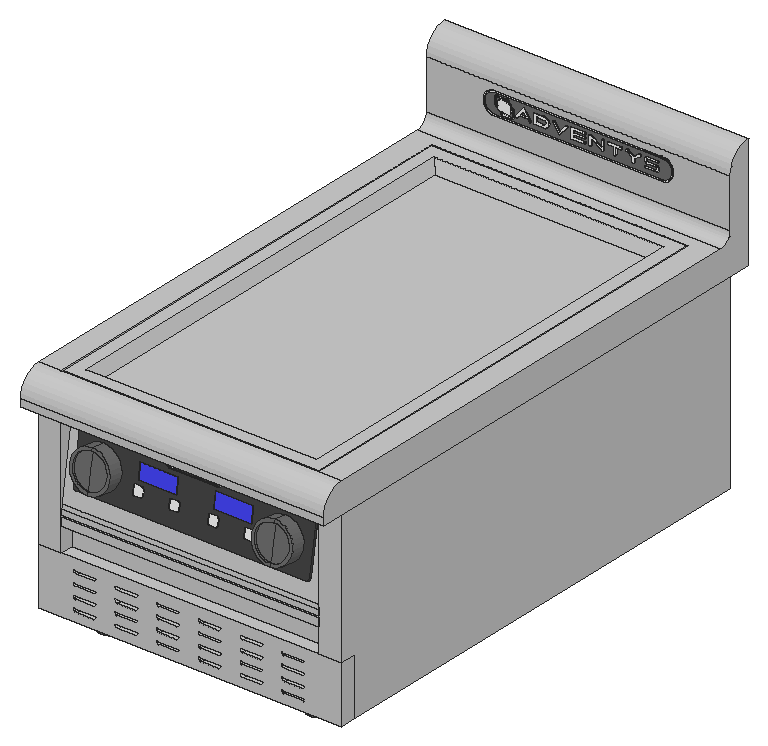
Revit family "QF_ADVENTYS_SK2I_6000_250903104036", category Specialty Equipment, Revit 2021
Family settings
  Round Connector Dimension = Use Diameter
  Part Type = Normal
  OmniClass Number = 23.40.40.14
  OmniClass Title = Food Service Equipment
  Work Plane-Based = No
  Always vertical = Yes
  Cut with Voids When Loaded = No
  Shared = No
  Room Calculation Point = No
Parameters (values of type "ADV2184")
  Weight in Pounds [instance] = 0
  Weight = 25.00 kg
  Warranty Start Date [instance] = ""
  Warranty Duration [instance] = ""
  Volts [instance] = 230 V
  URL Recommended Spares List = ""
  URL Manufacturer = ""
  URL Cutsheet = ""
  URL Critical Spares List = ""
  URL = "www.adventys.com"
  Tag Number [instance] = ""
  Status [instance] = ""
  Specification by User [instance] = ""
  Specification by Manufacturer [instance] = ""
  Sound Level [instance] = ""
  Solid Fuel Type [instance] = ""
  Service Life Duration [instance] = ""
  Serial Number [instance] = ""
  Seismic Rating [instance] = ""
  SMACNA No [instance] = ""
  Revision Code [instance] = ""
  Revision [instance] = ""
  Production Year [instance] = ""
  Point Load [instance] = 0
  Phase [instance] = 1
  Other Equipment Approvals [instance] = ""
  Number of Poles [instance] = 2
  NAFEM Spec ID Number [instance] = ""
  Model Warning [instance] = ""
  Model = "SK2I 6000"
  Min Ckt Ampacity [instance] = 0 A
  Max Overcurrent Protection [instance] = 32 A
  Masterspec [instance] = ""
  Manufacturer = "ADVENTYS"
  Length Actual = 400 mm
  Item Number [instance] = ""
  Installed By [instance] = ""
  Installation Date [instance] = ""
  Identify Quantity as Lot [instance] = no
  ID [instance] = ""
  Hygiene Approval [instance] = ""
  Hot Water Consumption = 0.0 L/s
  Height Actual = 310 mm
  HP power [instance] = ""
  Furnished By [instance] = ""
  Foodservice Equipment Identifier [instance] = no
  FL Amps [instance] = 27 A
  Electrical Remarks [instance] = "Plug not included"
  Electric power [instance] = 0 W
  Electric Connection Type [instance] = "Cord&Plug"
  Elec Conn RI Height [instance] = 0 mm
  Elec Conn Connection Height [instance] = 0 mm
  ETL Approved [instance] = no
  Description = "INDUCTION PLANCHA MODULE - 2 ZONES"
  Depth Actual = 700 mm
  Default Elevation = 0 mm
  Cycle [instance] = 50 Hz
  Cost = 0
  Conn Plug [instance] = ""
  Conn Conduit [instance] = no
  CSI MasterFormat [instance] = ""
  CE Approved [instance] = no
  Barcode [instance] = 0
  Author [instance] = ""
  Asset Identifier [instance] = ""
  Apparent Power [instance] = 6000 VA
  Accessory = no
Reference planes
  plane 1 "Center (Front/Back)": y = 0
  plane 2: z = 0
  plane 3 "Center (Left/Right)": x = 0
Forms (mm)
  Extrusion 1, solid, not visible
    sketch origin (200.01, -32.002, 50.002) x (1, 0, 0) y (0, 1, 0)
      loop
        line (-2, 2) -> (-2, -2) -> (2, -2) -> (2, 2) -> (-2, 2)
    from -2 to 2
Dimensions and locks
  locked: Extrusion 1 to nested 2
  locked: nested 2 to Extrusion 1 at 2
  aligned and locked: level to plane 2
Nested families
  nested 1: "QF_ADVENTYS_ADV2184_2916" at (0, 0, 0), type "ADV2184"
    with Status "", Show Logo yes, Show Clearance yes
  nested 2: "CONN_POINT_ELE_2D___Generic_Annotation" at (200.01, -30.001, 50.002), type "CONN_POINT_ELE_2D___Generic_Annotation"
    with Onboard connection annotation symbol visibility yes
Connectors
  electrical at (200.01, -30.001, 50.002), driven by "Apparent Power", driven by "Number of Poles", driven by "Volts"
    settings: on Extrusion 1, index 1, voltage 230 V, apparent load 0 VA, apparent load phase1 6000 VA, apparent load phase2 0 VA, apparent load phase3 0 VA, power factor 1, load classification "Other", number of poles 2, system type 31, power factor state 1, is connector primary yes, connector utility no, sub classification motor no, connector description "Electrical connection for SK2I 6000"
Definition of nested family "QF_ADVENTYS_ADV2184_2916"
  Parameters (values of type "ADV2184")
    URL = "www.adventys.com"
    Status [instance] = ""
    Show Logo [instance] = yes
    Show Clearance [instance] = yes
    Model = "SK2I 6000"
    Manufacturer = "ADVENTYS"
    Description = "INDUCTION PLANCHA MODULE - 2 ZONES"
    Default Elevation = 0 mm
    Author = "SPECIFI"
    Assembly Code = "E1090320"
  Reference planes
    plane 1 "Back": y = 0
    plane 2: z = 0
    plane 3 "Left": x = 0
    plane 4 "Right": x = 400
    plane 5 "Front": y = -700
    plane 6 "Top": z = 310
  Forms (mm)
    Extrusion 1, solid
      sketch origin (0, -550, -8.601) x (0, 1, 0) y (0, 0, 1)
        loop
          line (-150, 278.601) -> (550, 278.601) -> (550, 428.601)
          arc (550, 428.601) -> (528.787, 419.815) -> (520, 398.601) r 30
          line (520, 398.601) -> (520, 333.601)
          arc (520, 333.601) -> (515.607, 322.995) -> (505, 318.601) r 15
          line (505, 318.601) -> (-120, 318.601)
          arc (-120, 318.601) -> (-141.213, 309.815) -> (-150, 288.601) r 30
          line (-150, 288.601) -> (-150, 278.601)
      from 0 to 400
    Extrusion 2, solid, visible <- "Show Logo"
      sketch origin (66.717, 146.57, 781.431) x (1, 0, 0) y (0, 0, 1)
        loop
          arc (26.945, -405.612) -> (25.297, -406.294) -> (24.615, -407.942) r 2.329
          line (24.615, -407.942) -> (24.615, -413.701)
          arc (24.615, -413.701) -> (25.333, -415.383) -> (27.044, -416.028) r 2.329
          line (27.044, -416.028) -> (27.044, -411.667)
          arc (27.044, -411.667) -> (28.249, -409.269) -> (30.753, -408.302) r 3.727
          line (30.753, -408.302) -> (40.699, -408.302)
          arc (40.699, -408.302) -> (40.168, -406.427) -> (38.398, -405.612) r 2.329
          line (38.398, -405.612) -> (26.945, -405.612)
        loop
          arc (26.945, -404.215) -> (24.309, -405.306) -> (23.218, -407.942) r 3.727
          line (23.218, -407.942) -> (23.218, -413.701)
          arc (23.218, -413.701) -> (24.345, -416.371) -> (27.044, -417.427) r 3.727
          arc (27.044, -417.427) -> (27.999, -420.299) -> (30.77, -421.516) r 3.727
          arc (30.77, -421.516) -> (31.85, -424.173) -> (34.497, -425.277) r 3.727
          line (34.497, -425.277) -> (45.04, -425.277)
          arc (45.04, -425.277) -> (47.676, -424.185) -> (48.767, -421.55) r 3.727
          line (48.767, -421.55) -> (48.767, -416.154)
          arc (48.767, -416.154) -> (47.662, -413.505) -> (45.002, -412.427) r 3.727
          arc (45.002, -412.427) -> (44.322, -409.853) -> (42.098, -408.389) r 3.727
          arc (42.098, -408.389) -> (41.187, -405.47) -> (38.398, -404.215) r 3.727
          line (38.398, -404.215) -> (26.945, -404.215)
        loop
          arc (45.04, -423.879) -> (46.687, -423.197) -> (47.37, -421.55) r 2.329
          line (47.37, -421.55) -> (47.37, -416.154)
          arc (47.37, -416.154) -> (46.681, -414.501) -> (45.023, -413.825) r 2.329
          line (45.023, -413.825) -> (45.023, -417.789)
          arc (45.023, -417.789) -> (43.932, -420.424) -> (41.297, -421.516) r 3.727
          line (41.297, -421.516) -> (32.168, -421.516)
          arc (32.168, -421.516) -> (32.838, -423.185) -> (34.497, -423.879) r 2.329
          line (34.497, -423.879) -> (45.04, -423.879)
        loop
          arc (51.474, -419.149) -> (51.62, -421.006) -> (53.482, -420.957) r 1.353
          line (53.482, -420.957) -> (56.052, -418.386) -> (66.256, -418.386) -> (68.827, -420.957)
          arc (68.827, -420.957) -> (70.688, -421.006) -> (70.834, -419.149) r 1.353
          line (70.834, -419.149) -> (61.154, -407.195) -> (51.474, -419.149)
        loop
          line (61.154, -412) -> (57.878, -416.046) -> (64.43, -416.046) -> (61.154, -412)
        loop
          line (75.318, -407.422) -> (75.318, -421.177) -> (88.277, -421.177)
          arc (88.277, -421.177) -> (95.155, -414.299) -> (88.277, -407.422) r 6.877
          line (88.277, -407.422) -> (75.318, -407.422)
        loop
          line (88.277, -411.041) -> (78.937, -411.041) -> (78.937, -417.558) -> (88.277, -417.558)
          arc (88.277, -417.558) -> (91.536, -414.299) -> (88.277, -411.041) r 3.259
        loop
          arc (101.821, -408.219) -> (99.959, -408.171) -> (99.813, -410.027) r 1.353
          line (99.813, -410.027) -> (109.493, -421.981) -> (119.174, -410.027)
          arc (119.174, -410.027) -> (119.028, -408.171) -> (117.166, -408.219) r 1.353
          line (117.166, -408.219) -> (109.493, -417.694) -> (101.821, -408.219)
        loop
          line (142.076, -407.26) -> (123.764, -407.26) -> (123.764, -421.177) -> (142.076, -421.177)
          arc (142.076, -421.177) -> (143.489, -419.764) -> (142.076, -418.35) r 1.413
          line (142.076, -418.35) -> (126.938, -418.35) -> (126.938, -415.564) -> (142.076, -415.564)
          arc (142.076, -415.564) -> (143.355, -414.285) -> (142.076, -413.006) r 1.279
          line (142.076, -413.006) -> (126.938, -413.006) -> (126.938, -410.087) -> (142.076, -410.087)
          arc (142.076, -410.087) -> (143.489, -408.673) -> (142.076, -407.26) r 1.413
        loop
          line (147.746, -409.199) -> (147.746, -419.562)
          arc (147.746, -419.562) -> (149.249, -421.066) -> (150.753, -419.562) r 1.504
          line (150.753, -419.562) -> (150.753, -411.984) -> (164.154, -420.358)
          arc (164.154, -420.358) -> (166.328, -420.415) -> (167.432, -418.542) r 2.142
          line (167.432, -418.542) -> (167.432, -408.927)
          arc (167.432, -408.927) -> (165.846, -407.341) -> (164.26, -408.927) r 1.586
          line (164.26, -408.927) -> (164.26, -416.262) -> (150.507, -407.668)
          arc (150.507, -407.668) -> (148.676, -407.62) -> (147.746, -409.199) r 1.805
        loop
          arc (173.786, -407.529) -> (172.045, -409.271) -> (173.786, -411.012) r 1.741
          line (173.786, -411.012) -> (180.099, -411.012) -> (180.099, -418.888)
          arc (180.099, -418.888) -> (181.773, -420.563) -> (183.448, -418.888) r 1.675
          line (183.448, -418.888) -> (183.448, -411.012) -> (189.463, -411.012)
          arc (189.463, -411.012) -> (191.205, -409.271) -> (189.463, -407.529) r 1.741
          line (189.463, -407.529) -> (173.786, -407.529)
        loop
          line (206.15, -412.172) -> (199.243, -407.513)
          arc (199.243, -407.513) -> (196.903, -407.967) -> (197.358, -410.307) r 1.685
          line (197.358, -410.307) -> (204.265, -414.966) -> (204.265, -418.978)
          arc (204.265, -418.978) -> (206.15, -420.863) -> (208.035, -418.978) r 1.885
          line (208.035, -418.978) -> (208.035, -414.966) -> (214.942, -410.307)
          arc (214.942, -410.307) -> (215.397, -407.967) -> (213.057, -407.513) r 1.685
          line (213.057, -407.513) -> (206.15, -412.172)
        loop
          line (237.989, -407.529) -> (224.935, -407.529)
          arc (224.935, -407.529) -> (220.943, -411.522) -> (224.935, -415.515) r 3.993
          line (224.935, -415.515) -> (235.702, -415.515)
          arc (235.702, -415.515) -> (237.157, -416.969) -> (235.702, -418.424) r 1.455
          line (235.702, -418.424) -> (222.585, -418.424)
          arc (222.585, -418.424) -> (221.382, -419.627) -> (222.585, -420.83) r 1.203
          line (222.585, -420.83) -> (236.992, -420.83)
          arc (236.992, -420.83) -> (239.726, -416.462) -> (235.818, -413.103) r 3.953
          line (235.818, -413.103) -> (224.727, -413.103)
          arc (224.727, -413.103) -> (223.143, -411.519) -> (224.727, -409.936) r 1.584
          line (224.727, -409.936) -> (237.989, -409.936)
          arc (237.989, -409.936) -> (239.192, -408.732) -> (237.989, -407.529) r 1.203
        loop
          arc (22.934, -401.559) -> (9.66, -414.832) -> (22.934, -428.106) r 13.274
          line (22.934, -428.106) -> (243.631, -428.106)
          arc (243.631, -428.106) -> (256.905, -414.832) -> (243.631, -401.559) r 13.274
          line (243.631, -401.559) -> (22.934, -401.559)
        loop
          arc (22.934, -400.181) -> (8.283, -414.832) -> (22.934, -429.484) r 14.651
          line (22.934, -429.484) -> (243.631, -429.484)
          arc (243.631, -429.484) -> (258.283, -414.832) -> (243.631, -400.181) r 14.651
          line (243.631, -400.181) -> (22.934, -400.181)
      from 176.77 to 176.97
    Extrusion 3, solid, visible <- "Show Logo"
      sketch origin (66.717, -30.4, 781.431) x (1, 0, 0) y (0, 0, 1)
        loop
          arc (243.631, -429.484) -> (258.283, -414.832) -> (243.631, -400.181) r 14.651
          line (243.631, -400.181) -> (22.934, -400.181)
          arc (22.934, -400.181) -> (8.283, -414.832) -> (22.934, -429.484) r 14.651
          line (22.934, -429.484) -> (243.631, -429.484)
      from -0.2 to -0.4
    Extrusion 4, void
      sketch origin (0, 0, 0) x (1, 0, 0) y (0, 1, 0)
        loop
          line (370, -60) -> (30, -60) -> (30, -670) -> (370, -670) -> (370, -60)
      from 291.897 to 310
    Extrusion 5, solid
      sketch origin (0, -550, -8.601) x (0, -1, 0) y (0, 0, 1)
        loop
          line (-520, 278.601) -> (-520, 28.601) -> (100, 28.601) -> (100, 103.601) -> (120, 103.601) -> (120, 278.601) -> (-520, 278.601)
      from 0 to -30
    Extrusion 6, solid
      sketch origin (370, -550, -8.601) x (0, -1, 0) y (0, 0, 1)
        loop
          line (-520, 278.601) -> (-520, 28.601) -> (100, 28.601) -> (100, 103.601) -> (120, 103.601) -> (120, 278.601) -> (-520, 278.601)
      from 0 to -30
    Extrusion 7, solid
      sketch origin (0, -550, 44.054) x (0, -1, 0) y (0, 0, 1)
        loop
          line (120, 93.601) -> (100, 93.601) -> (100, 50.946) -> (102, 50.946) -> (102, 91.579) -> (118, 91.579) -> (118, 83.601) -> (120, 83.601) -> (120, 93.601)
      from -370 to -30
    Extrusion 8, solid
      sketch origin (0, -550, -8.601) x (0, -1, 0) y (0, 0, 1)
        loop
          line (120, 148.757) -> (120, 155.573)
          arc (120, 155.573) -> (119.875, 158.747) -> (119.502, 161.902) r 40.459
          line (119.502, 161.902) -> (101.019, 278.601) -> (-520, 278.601) -> (-520, 28.601) -> (100, 28.601) -> (100, 148.757) -> (120, 148.757)
      from -370 to -30
    Extrusion 9, solid
      sketch origin (2.404, -670, 20) x (1, 0, 0) y (0, 0, 1)
        loop
          line (-2.404, 75) -> (-2.404, 0) -> (397.596, 0) -> (397.596, 75) -> (-2.404, 75)
        loop
          arc (43.912, 61.172) -> (44.726, 58.129) -> (47.581, 56.797) r 3.726
          line (47.581, 56.797) -> (70.579, 56.797)
          arc (70.579, 56.797) -> (73.434, 58.129) -> (74.248, 61.172) r 3.726
          line (74.248, 61.172) -> (43.912, 61.172)
        loop
          arc (98.912, 61.172) -> (99.726, 58.129) -> (102.581, 56.797) r 3.726
          line (102.581, 56.797) -> (125.579, 56.797)
          arc (125.579, 56.797) -> (128.434, 58.129) -> (129.248, 61.172) r 3.726
          line (129.248, 61.172) -> (98.912, 61.172)
        loop
          arc (153.912, 61.172) -> (154.726, 58.129) -> (157.581, 56.797) r 3.726
          line (157.581, 56.797) -> (180.579, 56.797)
          arc (180.579, 56.797) -> (183.434, 58.129) -> (184.248, 61.172) r 3.726
          line (184.248, 61.172) -> (153.912, 61.172)
        loop
          arc (208.912, 61.172) -> (209.726, 58.129) -> (212.581, 56.797) r 3.726
          line (212.581, 56.797) -> (235.579, 56.797)
          arc (235.579, 56.797) -> (238.434, 58.129) -> (239.248, 61.172) r 3.726
          line (239.248, 61.172) -> (208.912, 61.172)
        loop
          arc (263.912, 61.172) -> (264.726, 58.129) -> (267.581, 56.797) r 3.726
          line (267.581, 56.797) -> (290.579, 56.797)
          arc (290.579, 56.797) -> (293.434, 58.129) -> (294.248, 61.172) r 3.726
          line (294.248, 61.172) -> (263.912, 61.172)
        loop
          arc (318.912, 61.172) -> (319.726, 58.129) -> (322.581, 56.797) r 3.726
          line (322.581, 56.797) -> (345.579, 56.797)
          arc (345.579, 56.797) -> (348.434, 58.129) -> (349.248, 61.172) r 3.726
          line (349.248, 61.172) -> (318.912, 61.172)
        loop
          arc (43.912, 46.172) -> (44.726, 43.129) -> (47.581, 41.797) r 3.726
          line (47.581, 41.797) -> (70.579, 41.797)
          arc (70.579, 41.797) -> (73.434, 43.129) -> (74.248, 46.172) r 3.726
          line (74.248, 46.172) -> (43.912, 46.172)
        loop
          arc (98.912, 46.172) -> (99.726, 43.129) -> (102.581, 41.797) r 3.726
          line (102.581, 41.797) -> (125.579, 41.797)
          arc (125.579, 41.797) -> (128.434, 43.129) -> (129.248, 46.172) r 3.726
          line (129.248, 46.172) -> (98.912, 46.172)
        loop
          arc (153.912, 46.172) -> (154.726, 43.129) -> (157.581, 41.797) r 3.726
          line (157.581, 41.797) -> (180.579, 41.797)
          arc (180.579, 41.797) -> (183.434, 43.129) -> (184.248, 46.172) r 3.726
          line (184.248, 46.172) -> (153.912, 46.172)
        loop
          arc (208.912, 46.172) -> (209.726, 43.129) -> (212.581, 41.797) r 3.726
          line (212.581, 41.797) -> (235.579, 41.797)
          arc (235.579, 41.797) -> (238.434, 43.129) -> (239.248, 46.172) r 3.726
          line (239.248, 46.172) -> (208.912, 46.172)
        loop
          arc (263.912, 46.172) -> (264.726, 43.129) -> (267.581, 41.797) r 3.726
          line (267.581, 41.797) -> (290.579, 41.797)
          arc (290.579, 41.797) -> (293.434, 43.129) -> (294.248, 46.172) r 3.726
          line (294.248, 46.172) -> (263.912, 46.172)
        loop
          arc (318.912, 46.172) -> (319.726, 43.129) -> (322.581, 41.797) r 3.726
          line (322.581, 41.797) -> (345.579, 41.797)
          arc (345.579, 41.797) -> (348.434, 43.129) -> (349.248, 46.172) r 3.726
          line (349.248, 46.172) -> (318.912, 46.172)
        loop
          arc (43.912, 31.172) -> (44.726, 28.129) -> (47.581, 26.797) r 3.726
          line (47.581, 26.797) -> (70.579, 26.797)
          arc (70.579, 26.797) -> (73.434, 28.129) -> (74.248, 31.172) r 3.726
          line (74.248, 31.172) -> (43.912, 31.172)
        loop
          arc (98.912, 31.172) -> (99.726, 28.129) -> (102.581, 26.797) r 3.726
          line (102.581, 26.797) -> (125.579, 26.797)
          arc (125.579, 26.797) -> (128.434, 28.129) -> (129.248, 31.172) r 3.726
          line (129.248, 31.172) -> (98.912, 31.172)
        loop
          arc (153.912, 31.172) -> (154.726, 28.129) -> (157.581, 26.797) r 3.726
          line (157.581, 26.797) -> (180.579, 26.797)
          arc (180.579, 26.797) -> (183.434, 28.129) -> (184.248, 31.172) r 3.726
          line (184.248, 31.172) -> (153.912, 31.172)
        loop
          arc (208.912, 31.172) -> (209.726, 28.129) -> (212.581, 26.797) r 3.726
          line (212.581, 26.797) -> (235.579, 26.797)
          arc (235.579, 26.797) -> (238.434, 28.129) -> (239.248, 31.172) r 3.726
          line (239.248, 31.172) -> (208.912, 31.172)
        loop
          arc (263.912, 31.172) -> (264.726, 28.129) -> (267.581, 26.797) r 3.726
          line (267.581, 26.797) -> (290.579, 26.797)
          arc (290.579, 26.797) -> (293.434, 28.129) -> (294.248, 31.172) r 3.726
          line (294.248, 31.172) -> (263.912, 31.172)
        loop
          arc (318.912, 31.172) -> (319.726, 28.129) -> (322.581, 26.797) r 3.726
          line (322.581, 26.797) -> (345.579, 26.797)
          arc (345.579, 26.797) -> (348.434, 28.129) -> (349.248, 31.172) r 3.726
          line (349.248, 31.172) -> (318.912, 31.172)
        loop
          arc (43.912, 16.172) -> (44.726, 13.129) -> (47.581, 11.797) r 3.726
          line (47.581, 11.797) -> (70.579, 11.797)
          arc (70.579, 11.797) -> (73.434, 13.129) -> (74.248, 16.172) r 3.726
          line (74.248, 16.172) -> (43.912, 16.172)
        loop
          arc (98.912, 16.172) -> (99.726, 13.129) -> (102.581, 11.797) r 3.726
          line (102.581, 11.797) -> (125.579, 11.797)
          arc (125.579, 11.797) -> (128.434, 13.129) -> (129.248, 16.172) r 3.726
          line (129.248, 16.172) -> (98.912, 16.172)
        loop
          arc (153.912, 16.172) -> (154.726, 13.129) -> (157.581, 11.797) r 3.726
          line (157.581, 11.797) -> (180.579, 11.797)
          arc (180.579, 11.797) -> (183.434, 13.129) -> (184.248, 16.172) r 3.726
          line (184.248, 16.172) -> (153.912, 16.172)
        loop
          arc (208.912, 16.172) -> (209.726, 13.129) -> (212.581, 11.797) r 3.726
          line (212.581, 11.797) -> (235.579, 11.797)
          arc (235.579, 11.797) -> (238.434, 13.129) -> (239.248, 16.172) r 3.726
          line (239.248, 16.172) -> (208.912, 16.172)
        loop
          arc (263.912, 16.172) -> (264.726, 13.129) -> (267.581, 11.797) r 3.726
          line (267.581, 11.797) -> (290.579, 11.797)
          arc (290.579, 11.797) -> (293.434, 13.129) -> (294.248, 16.172) r 3.726
          line (294.248, 16.172) -> (263.912, 16.172)
        loop
          arc (318.912, 16.172) -> (319.726, 13.129) -> (322.581, 11.797) r 3.726
          line (322.581, 11.797) -> (345.579, 11.797)
          arc (345.579, 11.797) -> (348.434, 13.129) -> (349.248, 16.172) r 3.726
          line (349.248, 16.172) -> (318.912, 16.172)
      from 0 to -20
    Extrusion 10, solid
      sketch origin (0, 0, 0) x (1, 0, 0) y (0, 1, 0)
        loop
          circle (62.664, -630) r 15
        loop
          circle (337.336, -630) r 15
        loop
          circle (62.664, -70) r 15
        loop
          circle (337.336, -70) r 15
      from 0 to 20
    Extrusion 11, solid
      sketch origin (45, -464.968, 530.558) x (1, 0, 0) y (0, 0.156434, 0.987688)
        loop
          arc (306, -384.032) -> (309.536, -382.568) -> (311, -379.032) r 5
          line (311, -379.032) -> (311, -312.032)
          arc (311, -312.032) -> (309.536, -308.496) -> (306, -307.032) r 5
          line (306, -307.032) -> (4, -307.032)
          arc (4, -307.032) -> (0.464, -308.496) -> (-1, -312.032) r 5
          line (-1, -312.032) -> (-1, -379.032)
          arc (-1, -379.032) -> (0.464, -382.568) -> (4, -384.032) r 5
          line (4, -384.032) -> (306, -384.032)
        loop
          line (179.477, -325.532) -> (179.477, -345.532) -> (229.477, -345.532) -> (229.477, -325.532) -> (179.477, -325.532)
        loop
          arc (224.308, -351.749) -> (222.531, -352.485) -> (221.795, -354.262) r 2.513
          line (221.795, -354.262) -> (221.795, -361.802)
          arc (221.795, -361.802) -> (222.531, -363.579) -> (224.308, -364.315) r 2.513
          line (224.308, -364.315) -> (232.353, -364.315)
          arc (232.353, -364.315) -> (234.13, -363.579) -> (234.866, -361.802) r 2.513
          line (234.866, -361.802) -> (234.866, -354.262)
          arc (234.866, -354.262) -> (234.13, -352.485) -> (232.353, -351.749) r 2.513
          line (232.353, -351.749) -> (224.308, -351.749)
        loop
          line (184.645, -351.749) -> (176.6, -351.749)
          arc (176.6, -351.749) -> (174.823, -352.485) -> (174.087, -354.262) r 2.513
          line (174.087, -354.262) -> (174.087, -361.802)
          arc (174.087, -361.802) -> (174.823, -363.579) -> (176.6, -364.315) r 2.513
          line (176.6, -364.315) -> (184.645, -364.315)
          arc (184.645, -364.315) -> (186.422, -363.579) -> (187.159, -361.802) r 2.513
          line (187.159, -361.802) -> (187.159, -354.262)
          arc (187.159, -354.262) -> (186.422, -352.485) -> (184.645, -351.749) r 2.513
        loop
          line (130.523, -325.532) -> (80.523, -325.532) -> (80.523, -345.532) -> (130.523, -345.532) -> (130.523, -325.532)
        loop
          line (85.692, -351.749) -> (77.647, -351.749)
          arc (77.647, -351.749) -> (75.87, -352.485) -> (75.134, -354.262) r 2.513
          line (75.134, -354.262) -> (75.134, -361.802)
          arc (75.134, -361.802) -> (75.87, -363.579) -> (77.647, -364.315) r 2.513
          line (77.647, -364.315) -> (85.692, -364.315)
          arc (85.692, -364.315) -> (87.469, -363.579) -> (88.205, -361.802) r 2.513
          line (88.205, -361.802) -> (88.205, -354.262)
          arc (88.205, -354.262) -> (87.469, -352.485) -> (85.692, -351.749) r 2.513
        loop
          arc (125.355, -351.749) -> (123.578, -352.485) -> (122.841, -354.262) r 2.513
          line (122.841, -354.262) -> (122.841, -361.802)
          arc (122.841, -361.802) -> (123.578, -363.579) -> (125.355, -364.315) r 2.513
          line (125.355, -364.315) -> (133.4, -364.315)
          arc (133.4, -364.315) -> (135.177, -363.579) -> (135.913, -361.802) r 2.513
          line (135.913, -361.802) -> (135.913, -354.262)
          arc (135.913, -354.262) -> (135.177, -352.485) -> (133.4, -351.749) r 2.513
          line (133.4, -351.749) -> (125.355, -351.749)
      from 143 to 145
    Extrusion 12, solid
      sketch origin (45, -464.968, 530.558) x (1, 0, 0) y (0, 0.156434, 0.987688)
        loop
          line (85.692, -351.749) -> (77.647, -351.749)
          arc (77.647, -351.749) -> (75.87, -352.485) -> (75.134, -354.262) r 2.513
          line (75.134, -354.262) -> (75.134, -361.802)
          arc (75.134, -361.802) -> (75.87, -363.579) -> (77.647, -364.315) r 2.513
          line (77.647, -364.315) -> (85.692, -364.315)
          arc (85.692, -364.315) -> (87.469, -363.579) -> (88.205, -361.802) r 2.513
          line (88.205, -361.802) -> (88.205, -354.262)
          arc (88.205, -354.262) -> (87.469, -352.485) -> (85.692, -351.749) r 2.513
        loop
          line (133.4, -351.749) -> (125.355, -351.749)
          arc (125.355, -351.749) -> (123.578, -352.485) -> (122.841, -354.262) r 2.513
          line (122.841, -354.262) -> (122.841, -361.802)
          arc (122.841, -361.802) -> (123.578, -363.579) -> (125.355, -364.315) r 2.513
          line (125.355, -364.315) -> (133.4, -364.315)
          arc (133.4, -364.315) -> (135.177, -363.579) -> (135.913, -361.802) r 2.513
          line (135.913, -361.802) -> (135.913, -354.262)
          arc (135.913, -354.262) -> (135.177, -352.485) -> (133.4, -351.749) r 2.513
        loop
          line (184.645, -351.749) -> (176.6, -351.749)
          arc (176.6, -351.749) -> (174.823, -352.485) -> (174.087, -354.262) r 2.513
          line (174.087, -354.262) -> (174.087, -361.802)
          arc (174.087, -361.802) -> (174.823, -363.579) -> (176.6, -364.315) r 2.513
          line (176.6, -364.315) -> (184.645, -364.315)
          arc (184.645, -364.315) -> (186.422, -363.579) -> (187.159, -361.802) r 2.513
          line (187.159, -361.802) -> (187.159, -354.262)
          arc (187.159, -354.262) -> (186.422, -352.485) -> (184.645, -351.749) r 2.513
        loop
          line (232.353, -351.749) -> (224.308, -351.749)
          arc (224.308, -351.749) -> (222.531, -352.485) -> (221.795, -354.262) r 2.513
          line (221.795, -354.262) -> (221.795, -361.802)
          arc (221.795, -361.802) -> (222.531, -363.579) -> (224.308, -364.315) r 2.513
          line (224.308, -364.315) -> (232.353, -364.315)
          arc (232.353, -364.315) -> (234.13, -363.579) -> (234.866, -361.802) r 2.513
          line (234.866, -361.802) -> (234.866, -354.262)
          arc (234.866, -354.262) -> (234.13, -352.485) -> (232.353, -351.749) r 2.513
      from 143 to 145
    Extrusion 13, solid
      sketch origin (65, -465.906, 524.632) x (1, 0, 0) y (0, 0.156434, 0.987688)
        loop
          line (60.523, -319.532) -> (60.523, -339.532) -> (110.523, -339.532) -> (110.523, -319.532) -> (60.523, -319.532)
        loop
          line (159.477, -319.532) -> (159.477, -339.532) -> (209.477, -339.532) -> (209.477, -319.532) -> (159.477, -319.532)
      from 143 to 145
    Revolve 14, solid
      sketch origin (320, -468.414, 359.459) x (0, 0.156434, 0.987688) y (0, -0.987688, 0.156434)
        loop
          line (-176, 168.362) -> (-160.729, 168.362) -> (-160.729, 173.362) -> (-149.125, 173.362) -> (-149.125, 191.544) -> (-153.125, 191.544) -> (-153.125, 189.544) -> (-176, 189.544) -> (-176, 168.362)
        axis (-176, 191.544) -> (-176, 168.362)
      angle from 0 to 360
    Revolve 15, solid
      sketch origin (80, -468.414, 359.459) x (0, 0.156434, 0.987688) y (0, 0.987688, -0.156434)
        loop
          line (-176, -168.362) -> (-176, -189.544) -> (-153.125, -189.544) -> (-153.125, -191.544) -> (-149.125, -191.544) -> (-149.125, -173.362) -> (-160.729, -173.362) -> (-160.729, -168.362) -> (-176, -168.362)
        axis (-176, -191.544) -> (-176, -168.362)
      angle from 0 to 360
    Sweep 16, solid
      path origin (0, 0, 40) x (1, 0, 0) y (0, 1, 0)
        loop
          line (365, -65) -> (35, -65) -> (35, -665) -> (365, -665) -> (365, -65)
      profile origin (200, -65, 40) x (0, -1, 0) y (0, 0, 1)
        loop
          line (-3, 270) -> (-3, 268) -> (12, 268) -> (18.835, 251.897) -> (25.159, 251.897) -> (25.159, 253.897) -> (20.159, 253.897) -> (13.324, 270) -> (-3, 270)
    Extrusion 17, solid
      sketch origin (0, 0, 0) x (1, 0, 0) y (0, 1, 0)
        loop
          line (339.841, -90.159) -> (60.159, -90.159) -> (60.159, -639.841) -> (339.841, -639.841) -> (339.841, -90.159)
      from 291.897 to 293.897
    Extrusion 18, solid
      sketch origin (76.141, -416.592, 632.904) x (1, 0, 0) y (0, 0.156434, 0.987688)
        loop
          arc (88.7, -421.254) -> (88.222, -421.452) -> (88.024, -421.93) r 0.676
          line (88.024, -421.93) -> (88.024, -423.602)
          arc (88.024, -423.602) -> (88.232, -424.091) -> (88.729, -424.278) r 0.676
          line (88.729, -424.278) -> (88.729, -423.012)
          arc (88.729, -423.012) -> (89.079, -422.316) -> (89.806, -422.035) r 1.082
          line (89.806, -422.035) -> (92.693, -422.035)
          arc (92.693, -422.035) -> (92.539, -421.491) -> (92.025, -421.254) r 0.676
          line (92.025, -421.254) -> (88.7, -421.254)
        loop
          arc (88.7, -420.848) -> (87.935, -421.165) -> (87.618, -421.93) r 1.082
          line (87.618, -421.93) -> (87.618, -423.602)
          arc (87.618, -423.602) -> (87.945, -424.378) -> (88.729, -424.684) r 1.082
          arc (88.729, -424.684) -> (89.006, -425.518) -> (89.811, -425.871) r 1.082
          arc (89.811, -425.871) -> (90.124, -426.642) -> (90.893, -426.963) r 1.082
          line (90.893, -426.963) -> (93.953, -426.963)
          arc (93.953, -426.963) -> (94.718, -426.646) -> (95.035, -425.881) r 1.082
          line (95.035, -425.881) -> (95.035, -424.315)
          arc (95.035, -424.315) -> (94.714, -423.546) -> (93.942, -423.233) r 1.082
          arc (93.942, -423.233) -> (93.745, -422.485) -> (93.099, -422.06) r 1.082
          arc (93.099, -422.06) -> (92.835, -421.213) -> (92.025, -420.848) r 1.082
          line (92.025, -420.848) -> (88.7, -420.848)
        loop
          arc (93.953, -426.557) -> (94.431, -426.359) -> (94.629, -425.881) r 0.676
          line (94.629, -425.881) -> (94.629, -424.315)
          arc (94.629, -424.315) -> (94.43, -423.835) -> (93.948, -423.638) r 0.676
          line (93.948, -423.638) -> (93.948, -424.789)
          arc (93.948, -424.789) -> (93.631, -425.554) -> (92.866, -425.871) r 1.082
          line (92.866, -425.871) -> (90.216, -425.871)
          arc (90.216, -425.871) -> (90.411, -426.355) -> (90.893, -426.557) r 0.676
          line (90.893, -426.557) -> (93.953, -426.557)
        loop
          arc (95.821, -425.184) -> (95.863, -425.723) -> (96.404, -425.709) r 0.393
          line (96.404, -425.709) -> (97.15, -424.963) -> (100.112, -424.963) -> (100.858, -425.709)
          arc (100.858, -425.709) -> (101.399, -425.723) -> (101.441, -425.184) r 0.393
          line (101.441, -425.184) -> (98.631, -421.714) -> (95.821, -425.184)
        loop
          line (98.631, -423.109) -> (97.68, -424.283) -> (99.582, -424.283) -> (98.631, -423.109)
        loop
          line (102.743, -421.78) -> (102.743, -425.773) -> (106.505, -425.773)
          arc (106.505, -425.773) -> (108.501, -423.776) -> (106.505, -421.78) r 1.997
          line (106.505, -421.78) -> (102.743, -421.78)
        loop
          line (106.505, -422.83) -> (103.793, -422.83) -> (103.793, -424.722) -> (106.505, -424.722)
          arc (106.505, -424.722) -> (107.451, -423.776) -> (106.505, -422.83) r 0.946
        loop
          arc (110.437, -422.011) -> (109.896, -421.997) -> (109.854, -422.536) r 0.393
          line (109.854, -422.536) -> (112.664, -426.006) -> (115.474, -422.536)
          arc (115.474, -422.536) -> (115.432, -421.997) -> (114.891, -422.011) r 0.393
          line (114.891, -422.011) -> (112.664, -424.762) -> (110.437, -422.011)
        loop
          line (122.122, -421.733) -> (116.807, -421.733) -> (116.807, -425.773) -> (122.122, -425.773)
          arc (122.122, -425.773) -> (122.533, -425.362) -> (122.122, -424.952) r 0.41
          line (122.122, -424.952) -> (117.728, -424.952) -> (117.728, -424.143) -> (122.122, -424.143)
          arc (122.122, -424.143) -> (122.494, -423.772) -> (122.122, -423.401) r 0.371
          line (122.122, -423.401) -> (117.728, -423.401) -> (117.728, -422.553) -> (122.122, -422.553)
          arc (122.122, -422.553) -> (122.533, -422.143) -> (122.122, -421.733) r 0.41
        loop
          line (123.768, -422.295) -> (123.768, -425.304)
          arc (123.768, -425.304) -> (124.205, -425.74) -> (124.641, -425.304) r 0.437
          line (124.641, -425.304) -> (124.641, -423.104) -> (128.532, -425.535)
          arc (128.532, -425.535) -> (129.163, -425.551) -> (129.483, -425.008) r 0.622
          line (129.483, -425.008) -> (129.483, -422.216)
          arc (129.483, -422.216) -> (129.023, -421.756) -> (128.563, -422.216) r 0.46
          line (128.563, -422.216) -> (128.563, -424.346) -> (124.57, -421.851)
          arc (124.57, -421.851) -> (124.038, -421.837) -> (123.768, -422.295) r 0.524
        loop
          arc (131.328, -421.811) -> (130.822, -422.316) -> (131.328, -422.822) r 0.506
          line (131.328, -422.822) -> (133.16, -422.822) -> (133.16, -425.108)
          arc (133.16, -425.108) -> (133.647, -425.594) -> (134.133, -425.108) r 0.486
          line (134.133, -425.108) -> (134.133, -422.822) -> (135.879, -422.822)
          arc (135.879, -422.822) -> (136.384, -422.316) -> (135.879, -421.811) r 0.506
          line (135.879, -421.811) -> (131.328, -421.811)
        loop
          line (140.723, -423.158) -> (138.718, -421.806)
          arc (138.718, -421.806) -> (138.039, -421.938) -> (138.171, -422.617) r 0.489
          line (138.171, -422.617) -> (140.176, -423.97) -> (140.176, -425.134)
          arc (140.176, -425.134) -> (140.723, -425.682) -> (141.27, -425.134) r 0.547
          line (141.27, -425.134) -> (141.27, -423.97) -> (143.275, -422.617)
          arc (143.275, -422.617) -> (143.407, -421.938) -> (142.728, -421.806) r 0.489
          line (142.728, -421.806) -> (140.723, -423.158)
        loop
          line (149.966, -421.811) -> (146.176, -421.811)
          arc (146.176, -421.811) -> (145.017, -422.97) -> (146.176, -424.129) r 1.159
          line (146.176, -424.129) -> (149.302, -424.129)
          arc (149.302, -424.129) -> (149.724, -424.551) -> (149.302, -424.973) r 0.422
          line (149.302, -424.973) -> (145.494, -424.973)
          arc (145.494, -424.973) -> (145.145, -425.323) -> (145.494, -425.672) r 0.349
          line (145.494, -425.672) -> (149.676, -425.672)
          arc (149.676, -425.672) -> (150.47, -424.404) -> (149.336, -423.429) r 1.147
          line (149.336, -423.429) -> (146.116, -423.429)
          arc (146.116, -423.429) -> (145.656, -422.969) -> (146.116, -422.509) r 0.46
          line (146.116, -422.509) -> (149.966, -422.509)
          arc (149.966, -422.509) -> (150.315, -422.16) -> (149.966, -421.811) r 0.349
        loop
          arc (87.536, -420.077) -> (83.683, -423.931) -> (87.536, -427.784) r 3.853
          line (87.536, -427.784) -> (151.604, -427.784)
          arc (151.604, -427.784) -> (155.457, -423.931) -> (151.604, -420.077) r 3.853
          line (151.604, -420.077) -> (87.536, -420.077)
        loop
          arc (87.536, -419.677) -> (83.283, -423.931) -> (87.536, -428.184) r 4.253
          line (87.536, -428.184) -> (151.604, -428.184)
          arc (151.604, -428.184) -> (155.857, -423.931) -> (151.604, -419.677) r 4.253
          line (151.604, -419.677) -> (87.536, -419.677)
      from 176.77 to 176.97
  Cuts and joins
    Extrusion 4 cuts Extrusion 1
    joined: Sweep 16, Extrusion 17
  Lines and regions (mm)
    symbolic lines
      curve 1: line (400, -700, 0) -> (400, 0, 0)
      curve 2: line (400, 0, 0) -> (0, 0, 0)
      curve 3: line (0, 0, 0) -> (0, -700, 0)
      curve 4: line (400, -700, 0) -> (0, -700, 0)
      curve 5: line (400, -30, 0) -> (0, -30, 0)
      curve 6: line (370, -60, 0) -> (30, -60, 0)
      curve 7: line (370, -670, 0) -> (370, -60, 0)
      curve 8: line (30, -670, 0) -> (370, -670, 0)
      curve 9: line (30, -60, 0) -> (30, -670, 0)
      curve 10: line (48.324, -78.324, 0) -> (351.676, -78.324, 0)
      curve 11: line (48.324, -651.676, 0) -> (48.324, -78.324, 0)
      curve 12: line (351.676, -651.676, 0) -> (48.324, -651.676, 0)
      curve 13: line (351.676, -78.324, 0) -> (351.676, -651.676, 0)
      curve 14: line (344.841, -644.841, 0) -> (55.159, -644.841, 0)
      curve 15: line (344.841, -85.159, 0) -> (344.841, -644.841, 0)
      curve 16: line (55.159, -85.159, 0) -> (344.841, -85.159, 0)
      curve 17: line (55.159, -644.841, 0) -> (55.159, -85.159, 0)
      curve 18: line (32, -62, 0) -> (368, -62, 0)
      curve 19: line (32, -668, 0) -> (32, -62, 0)
      curve 20: line (368, -668, 0) -> (32, -668, 0)
      curve 21: line (368, -62, 0) -> (368, -668, 0)
  Dimensions and locks
    plane 3 "Left" to plane 4 "Right" = 400 mm
    plane 5 "Front" to plane 1 "Back" = 700 mm
    plane 6 "Top" to level = 310 mm  (x2)
    aligned and locked: level to plane 2
Definition of nested family "CONN_POINT_ELE_2D___Generic_Annotation"
  Parameters (values of type "CONN_POINT_ELE_2D___Generic_Annotation")
    Onboard connection annotation symbol visibility [instance] = yes
  Reference planes
    plane 1: y = 0
    plane 2: x = 0
  Lines and regions (mm)
    detail lines, visible <- "Onboard connection annotation symbol visibility"
      curve 1: circle (0, 0, 0) r 0.5 normal (0, 0, 1)
      curve 2: line (-1, 0, 0) -> (1, 0, 0)
      curve 3: line (0, 1, 0) -> (0, -1, 0)
      curve 4: line (2.5, 1, 0) -> (1.25, 1, 0)
      curve 5: line (1.25, 1, 0) -> (1.25, -1, 0)
      curve 6: line (1.25, -1, 0) -> (2.5, -1, 0)
      curve 7: line (1.25, 0, 0) -> (2, 0, 0)
